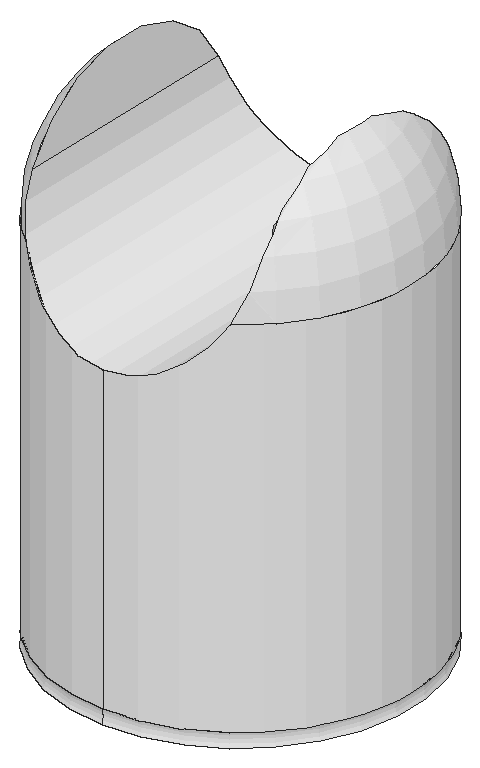
Revit family "Fixture_Wall_Bracket-American_Standard-8888.036", category Specialty Equipment, host Face, Revit 2014
Parameters (values of type "8888.036")
  Width = 1 1/2"
  Warranty Information = "One Year Limited Warranty"  # constant formula
  URL = "https://www.americanstandard-us.com/"
  Type Comments = ""
  Product Page URL = "https://www.americanstandard-us.com/bathroom/shower-faucets/fixed-wall-bracket-17031"
  Product Documentation Link = "https://www.americanstandard-us.com/-/media/sites/asus/files/product-specs/shower-faucets/2017/fixture-wall-bracket-and-slide-bar-8888036-1660225-1660236/spec-sheet-8888036-1660225-1660236.pdf?la=en"
  Price = "Prices may vary. Please consult Manufacturer Representative for most up-to-date price list."  # constant formula
  Model = "8888.036"  # constant formula
  Material = "Brass-American Standard-002-Polished Chrome"
  Manufacturer = "American Standard"  # constant formula
  Length = 2 3/16"
  Installation Type = "Wall Mounted"  # constant formula
  Finish = Brass-American Standard-002-Polished Chrome
  Description = "Fixture Wall Bracket"  # constant formula
  Default Elevation = 56"  # constant formula
  Creation Date = "01/01/2018"  # constant formula
  Assembly Code = "C1030200"
Reference planes (in)
  plane 1 "Center (Front/Back)": y = 0
  plane 2: z = 0
  plane 3 "Center (Left/Right)": x = 0
  plane 4: z = 2.1875
  plane 5: y = 0.75
  plane 6: y = -0.75
Forms (in)
  Extrusion 1, void
    sketch origin (1.75, 0.05656, -0.31568) x (0, 0, 1) y (-1, 0, 0)
      loop
        line (2.19727, 1.25) -> (3.31947, 1.25) -> (3.31947, 2.25) -> (2.19727, 2.25)
        arc (2.19727, 2.25) -> (1.69727, 1.75) -> (2.19727, 1.25) r 0.5
    from -0.89529 to 1.0084
  Extrusion 2, void
    sketch origin (0, 0, 0) x (1, 0, 0) y (0, 1, 0)
      loop
        circle (0, 0.4251) r 0.15717
    from 1.04576 to 2.25882
  Revolve 3, solid, material "Brass-American Standard-002-Polished Chrome" <- "Finish"
    sketch origin (0, 0, -1.22313) x (0, 0, 1) y (0, 1, 0)
      loop
        line (1.22313, 0) -> (3.57227, 0) -> (3.57227, 0.05131)
        arc (3.57227, 0.05131) -> (3.36763, 0.54536) -> (2.87358, 0.75) r 0.69869
        line (2.87358, 0.75) -> (1.28456, 0.75)
        arc (1.28456, 0.75) -> (1.25385, 0.74418) -> (1.22313, 0.75) r 0.08395
        line (1.22313, 0.75) -> (1.22313, 0)
      axis (1.22313, 0) -> (3.57227, 0)
    angle from 0 to 360
Cuts and joins
  Extrusion 1, Extrusion 2 cuts Revolve 3
Lines and regions (in)
  Masking region 1
    outline origin (0, 0, 0) x (1, 0, 0) y (0, 0, 1)
      loop
        line (-0.75, 0) -> (0.75, 0)
        arc (0.75, 0) -> (0.74375, 0.03071) -> (0.75, 0.06143) r 0.07861
        line (0.75, 0.06143) -> (0.75, 1.66241)
        arc (0.75, 1.66241) -> (0.68428, 1.95209) -> (0.5, 2.18507) r 0.67135
        line (0.5, 2.18507) -> (0.5, 1.88158)
        arc (0.5, 1.88158) -> (0, 1.38158) -> (-0.5, 1.88158) r 0.5
        line (-0.5, 1.88158) -> (-0.5, 2.18507)
        arc (-0.5, 2.18507) -> (-0.68428, 1.95209) -> (-0.75, 1.66241) r 0.67135
        line (-0.75, 1.66241) -> (-0.75, 0.06143)
        arc (-0.75, 0.06143) -> (-0.74375, 0.03071) -> (-0.75, 0) r 0.07861
  symbolic lines, detail levels fine
    curve 1: line (-0.75, 0, 0.06143) -> (0.75, 0, 0.06143)
Dimensions and locks (in)
  "Length": plane 2 to plane 4
  "Width": plane 5 to plane 6
  aligned and locked: plane 2 to host face
  aligned and locked: level to host face
Automatic sketch dimensions
  level to curve 1 = 0.06143"
  curve 1 to plane 3 "Center (Left/Right)" = 3/4"
  plane 3 "Center (Left/Right)" to curve 1 = 3/4"
  host sketch curve to host sketch curve = 96"  (x2)
  Extrusion 1 sketch curve to plane 3 "Center (Left/Right)" = 0"
  plane 4 to Extrusion 1 sketch curve = 0.30592"
  Extrusion 1 sketch curve to plane 4 = 0.81628"
  plane 3 "Center (Left/Right)" to Extrusion 1 sketch curve = 1/2"
  Extrusion 2 sketch curve to plane 3 "Center (Left/Right)" = 0"
  Extrusion 2 sketch curve to plane 5 = 0.3249"
  Revolve 3 sketch curve to level = 0"
  Revolve 3 sketch curve to plane 5 = 0"  (x2)
  Revolve 3 sketch curve to plane 1 "Center (Front/Back)" = 0"  (x2)
  level to Revolve 3 sketch curve = 0.03071"
  plane 4 to Revolve 3 sketch curve = 0.53706"
  Revolve 3 sketch curve to plane 4 = 0.16163"
  plane 5 to Revolve 3 sketch curve = 5/64"
  Revolve 3 sketch curve to Revolve 3 sketch curve = 0"
  Revolve 3 sketch curve to Revolve 3 sketch curve = 2 1/2"
  Masking region 1 sketch curve to level = 0"
  Masking region 1 sketch curve to plane 3 "Center (Left/Right)" = 0"
  Masking region 1 sketch curve to plane 3 "Center (Left/Right)" = 0.07865"
  plane 4 to Masking region 1 sketch curve = 0.00243"
  Masking region 1 sketch curve to plane 3 "Center (Left/Right)" = 1/2"
  Masking region 1 sketch curve to plane 3 "Center (Left/Right)" = 3/4"
  Masking region 1 sketch curve to Masking region 1 sketch curve = 0"  (x2)
  level to Masking region 1 sketch curve = 0.03071"  (x2)
  Masking region 1 sketch curve to Masking region 1 sketch curve = 0.07236"  (x2)
  plane 3 "Center (Left/Right)" to Masking region 1 sketch curve = 0.07865"
  Masking region 1 sketch curve to Masking region 1 sketch curve = 1/4"
  plane 4 to Masking region 1 sketch curve = 0.52509"
  Masking region 1 sketch curve to Masking region 1 sketch curve = 0.21918"
  radius of Extrusion 2 sketch curve = 0.15717"
